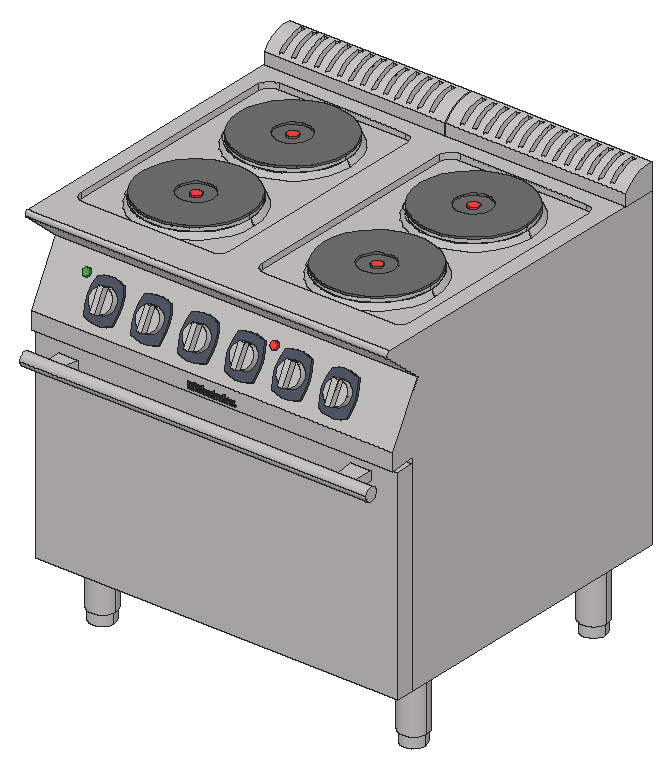
Revit family "QF_ELECTROLUXPROFESSIONAL_371128_E7ECEH4REN", category Specialty Equipment, Revit 2018 (continued)
Automatic sketch dimensions
  Extrusion 10 sketch curve to Extrusion 10 sketch curve = 2.51 mm
  Extrusion 10 sketch curve to Extrusion 10 sketch curve = 0.187 mm
  Extrusion 10 sketch curve to Extrusion 10 sketch curve = 2.559 mm
  Extrusion 10 sketch curve to Extrusion 10 sketch curve = 1.556 mm
  Extrusion 10 sketch curve to Extrusion 10 sketch curve = 0.222 mm
  Extrusion 10 sketch curve to Extrusion 10 sketch curve = 1.383 mm
  Extrusion 10 sketch curve to Extrusion 10 sketch curve = 3.114 mm
  Extrusion 10 sketch curve to Extrusion 10 sketch curve = 3.376 mm
  Extrusion 10 sketch curve to Extrusion 10 sketch curve = 0.934 mm
  Extrusion 10 sketch curve to Extrusion 10 sketch curve = 0.191 mm
  Extrusion 10 sketch curve to Extrusion 10 sketch curve = 3.696 mm
  Extrusion 10 sketch curve to Extrusion 10 sketch curve = 2.708 mm
  Extrusion 10 sketch curve to Extrusion 10 sketch curve = 3.333 mm
  Extrusion 10 sketch curve to Extrusion 10 sketch curve = 0.332 mm
  Extrusion 10 sketch curve to Extrusion 10 sketch curve = 1.087 mm
  Extrusion 10 sketch curve to Extrusion 10 sketch curve = 2.23 mm
  Extrusion 10 sketch curve to Extrusion 10 sketch curve = 2.757 mm
  Extrusion 10 sketch curve to Extrusion 10 sketch curve = 0.987 mm
  Extrusion 10 sketch curve to Extrusion 10 sketch curve = 1.529 mm
  Extrusion 10 sketch curve to Extrusion 10 sketch curve = 1.796 mm
  Extrusion 10 sketch curve to Extrusion 10 sketch curve = 2.859 mm
  Extrusion 10 sketch curve to Extrusion 10 sketch curve = 0.853 mm
  Extrusion 10 sketch curve to Extrusion 10 sketch curve = 1.241 mm
  Extrusion 10 sketch curve to Extrusion 10 sketch curve = 2.046 mm  (x2)
  Extrusion 10 sketch curve to Extrusion 10 sketch curve = 2.422 mm
  Extrusion 10 sketch curve to Extrusion 10 sketch curve = 0.27 mm  (x2)
  Extrusion 10 sketch curve to Extrusion 10 sketch curve = 0.69 mm
  Extrusion 10 sketch curve to Extrusion 10 sketch curve = 0.781 mm  (x2)
  Extrusion 10 sketch curve to Extrusion 10 sketch curve = 3.136 mm
  Extrusion 10 sketch curve to Extrusion 10 sketch curve = 1.767 mm
  Extrusion 10 sketch curve to Extrusion 10 sketch curve = 0.138 mm
  Extrusion 10 sketch curve to Extrusion 10 sketch curve = 0.777 mm
  Extrusion 10 sketch curve to Extrusion 10 sketch curve = 1.19 mm
  Extrusion 10 sketch curve to Extrusion 10 sketch curve = 0.782 mm
  Extrusion 10 sketch curve to Extrusion 10 sketch curve = 1.268 mm
  Extrusion 10 sketch curve to Extrusion 10 sketch curve = 0.422 mm  (x2)
  Extrusion 10 sketch curve to Extrusion 10 sketch curve = 1.559 mm
  Extrusion 10 sketch curve to Extrusion 10 sketch curve = 3.927 mm
  Extrusion 10 sketch curve to Extrusion 10 sketch curve = 0.983 mm
  Extrusion 10 sketch curve to Extrusion 10 sketch curve = 1.134 mm
  Extrusion 10 sketch curve to Extrusion 10 sketch curve = 0.094 mm
  Extrusion 10 sketch curve to Extrusion 10 sketch curve = 1.584 mm
  Extrusion 10 sketch curve to plane 7 "Center Y" = 1.327 mm
  Extrusion 10 sketch curve to Extrusion 10 sketch curve = 0.643 mm
  Extrusion 10 sketch curve to Extrusion 10 sketch curve = 0.916 mm
  Extrusion 10 sketch curve to Extrusion 10 sketch curve = 0.352 mm
  Extrusion 10 sketch curve to Extrusion 10 sketch curve = 0.458 mm
  Extrusion 10 sketch curve to Extrusion 10 sketch curve = 1.282 mm
  Extrusion 10 sketch curve to Extrusion 10 sketch curve = 1.363 mm
  Extrusion 10 sketch curve to Extrusion 10 sketch curve = 0.685 mm
  Extrusion 10 sketch curve to Extrusion 10 sketch curve = 0.905 mm
  Extrusion 10 sketch curve to Extrusion 10 sketch curve = 2.865 mm
  Extrusion 10 sketch curve to Extrusion 10 sketch curve = 0.472 mm
  Extrusion 10 sketch curve to Extrusion 10 sketch curve = 0.101 mm
  Extrusion 10 sketch curve to Extrusion 10 sketch curve = 0.54 mm
  Extrusion 10 sketch curve to Extrusion 10 sketch curve = 0.02 mm
  Extrusion 10 sketch curve to Extrusion 10 sketch curve = 0.468 mm
  Extrusion 10 sketch curve to Extrusion 10 sketch curve = 0.829 mm
  Extrusion 10 sketch curve to Extrusion 10 sketch curve = 0.582 mm
  Extrusion 10 sketch curve to Extrusion 10 sketch curve = 0.166 mm
  Extrusion 10 sketch curve to Extrusion 10 sketch curve = 0.16 mm
  Extrusion 10 sketch curve to Extrusion 10 sketch curve = 2.781 mm
  Extrusion 10 sketch curve to Extrusion 10 sketch curve = 1.118 mm
  Extrusion 10 sketch curve to Extrusion 10 sketch curve = 0.613 mm
  Extrusion 10 sketch curve to Extrusion 10 sketch curve = 0.361 mm
  Extrusion 10 sketch curve to Extrusion 10 sketch curve = 0.897 mm
  Extrusion 10 sketch curve to Extrusion 10 sketch curve = 0.167 mm
  Extrusion 10 sketch curve to Extrusion 10 sketch curve = 0.292 mm
  Extrusion 10 sketch curve to Extrusion 10 sketch curve = 0.305 mm
  Extrusion 10 sketch curve to Extrusion 10 sketch curve = 1.557 mm
  Extrusion 10 sketch curve to Extrusion 10 sketch curve = 2.499 mm
  Extrusion 10 sketch curve to Extrusion 10 sketch curve = 3.062 mm
  Extrusion 10 sketch curve to Extrusion 10 sketch curve = 2.968 mm
  Extrusion 10 sketch curve to Extrusion 10 sketch curve = 5.044 mm
  Extrusion 10 sketch curve to Extrusion 10 sketch curve = 0.629 mm  (x2)
  Extrusion 10 sketch curve to Extrusion 10 sketch curve = 1.131 mm
  Extrusion 10 sketch curve to Extrusion 10 sketch curve = 0.027 mm
  Extrusion 10 sketch curve to Extrusion 10 sketch curve = 2.235 mm
  Extrusion 1 sketch curve to plane 5 "FRONT" = 83.331 mm
  Extrusion 16 sketch curve to plane 10 = 0 mm
  Extrusion 16 sketch curve to plane 5 "FRONT" = 30.162 mm
  plane 10 to Extrusion 16 sketch curve = 1.281 mm
  plane 5 "FRONT" to Extrusion 16 sketch curve = 379.413 mm
  Extrusion 1 sketch curve to Extrusion 1 sketch curve = 159.719 mm
  Extrusion 1 sketch curve to Extrusion 1 sketch curve = 5.61 mm
  Extrusion 8 sketch curve to plane 9 "TOP A" = 276.291 mm
  plane 7 "Center Y" to Extrusion 10 sketch curve = 19.326 mm
  Extrusion 10 sketch curve to plane 9 "TOP A" = 240.749 mm
  Extrusion 10 sketch curve to Extrusion 10 sketch curve = 0.019 mm
  Extrusion 10 sketch curve to Extrusion 10 sketch curve = 4.098 mm
  Extrusion 16 sketch curve to Extrusion 16 sketch curve = 42.109 mm
  plane 5 "FRONT" to Extrusion 2 sketch curve = 0 mm  (x2)
  plane 1 "BACK" to Extrusion 2 sketch curve = 0 mm
  Extrusion 2 sketch curve to plane 3 "LEFT" = 0 mm
  Extrusion 2 sketch curve to plane 4 "RIGHT" = 0 mm
  Extrusion 2 sketch curve to plane 3 "LEFT" = 150.019 mm
  plane 4 "RIGHT" to Extrusion 2 sketch curve = 150.019 mm
  Extrusion 2 sketch curve to plane 1 "BACK" = 150.019 mm
  curve 6 to plane 4 "RIGHT" = 0 mm
  plane 5 "FRONT" to curve 20 = 0 mm
  curve 38 to plane 7 "Center Y" = 0 mm
  curve 16 to plane 7 "Center Y" = 0 mm
  curve 11 to plane 3 "LEFT" = 0 mm
  curve 7 to plane 3 "LEFT" = 0 mm
  plane 1 "BACK" to curve 6 = 0 mm
  plane 4 "RIGHT" to curve 3 = 150.019 mm
  plane 5 "FRONT" to curve 17 = 8.513 mm
  curve 17 to plane 4 "RIGHT" = 17.7 mm
  plane 1 "BACK" to curve 96 = 6.761 mm
  curve 96 to plane 4 "RIGHT" = 29.703 mm
  curve 32 to plane 4 "RIGHT" = 35.025 mm
  curve 95 to curve 95 = 9.296 mm
  plane 1 "BACK" to curve 99 = 6.761 mm
  curve 95 to curve 99 = 16.193 mm
  curve 33 to curve 33 = 25.4 mm
  curve 31 to curve 30 = 25.4 mm
  curve 15 to curve 20 = 43.281 mm
  curve 100 to curve 101 = 9.296 mm
  curve 101 to curve 105 = 16.193 mm
  curve 104 to curve 105 = 9.296 mm
  curve 20 to curve 21 = 36.854 mm
  curve 21 to curve 21 = 1.571 mm
  plane 1 "BACK" to curve 107 = 6.761 mm
  curve 103 to curve 107 = 16.193 mm
  curve 108 to curve 109 = 9.296 mm
  plane 1 "BACK" to curve 111 = 6.761 mm
  curve 107 to curve 111 = 16.193 mm
  curve 111 to curve 114 = 9.296 mm
  plane 1 "BACK" to curve 115 = 6.761 mm
  curve 111 to curve 115 = 16.193 mm
  curve 115 to curve 115 = 9.296 mm
  plane 1 "BACK" to curve 119 = 6.761 mm
  curve 115 to curve 119 = 16.193 mm
  curve 119 to curve 119 = 9.296 mm
  plane 1 "BACK" to curve 123 = 6.761 mm
  curve 119 to curve 123 = 16.193 mm
  curve 123 to curve 123 = 9.296 mm
  curve 125 to curve 128 = 16.193 mm
  curve 128 to curve 129 = 9.296 mm
  curve 129 to curve 133 = 16.193 mm
  curve 132 to curve 133 = 9.296 mm
  plane 1 "BACK" to curve 135 = 6.761 mm
  curve 131 to curve 135 = 16.193 mm
  curve 135 to curve 138 = 9.296 mm
  curve 137 to curve 141 = 16.193 mm
  curve 140 to curve 141 = 9.296 mm
  curve 141 to curve 144 = 16.193 mm
  curve 144 to curve 37 = 4.062 mm
  plane 7 "Center Y" to curve 34 = 60.425 mm
  curve 143 to curve 143 = 9.296 mm
  plane 1 "BACK" to curve 147 = 6.761 mm
  curve 143 to curve 147 = 16.193 mm
  curve 35 to curve 35 = 25.4 mm
  curve 148 to curve 150 = 9.296 mm
  plane 1 "BACK" to curve 91 = 6.761 mm
  curve 91 to plane 7 "Center Y" = 29.703 mm
  curve 24 to plane 7 "Center Y" = 35.025 mm
  curve 91 to curve 91 = 9.296 mm
  plane 1 "BACK" to curve 90 = 6.761 mm
  curve 91 to curve 90 = 16.193 mm
  curve 23 to curve 23 = 25.4 mm
  curve 25 to curve 25 = 25.4 mm
  curve 89 to curve 89 = 9.296 mm
  plane 1 "BACK" to curve 83 = 6.761 mm
  curve 87 to curve 83 = 16.193 mm
  curve 85 to curve 85 = 9.296 mm
  plane 1 "BACK" to curve 79 = 6.761 mm
  curve 83 to curve 79 = 16.193 mm
  curve 79 to curve 80 = 9.296 mm
  plane 1 "BACK" to curve 78 = 6.761 mm
  curve 79 to curve 78 = 16.193 mm
  curve 75 to curve 76 = 9.296 mm
  curve 76 to curve 73 = 16.193 mm
  curve 71 to curve 72 = 9.296 mm
  curve 72 to curve 70 = 16.193 mm
  curve 69 to curve 68 = 9.296 mm
  curve 68 to curve 66 = 16.193 mm
  curve 65 to curve 64 = 9.296 mm
  curve 64 to curve 62 = 16.193 mm
  curve 61 to curve 60 = 9.296 mm
  plane 1 "BACK" to curve 58 = 6.761 mm
  curve 59 to curve 58 = 16.193 mm
  curve 57 to curve 56 = 9.296 mm
  plane 1 "BACK" to curve 54 = 6.761 mm
  curve 55 to curve 54 = 16.193 mm
  curve 53 to curve 52 = 9.296 mm
  curve 19 to curve 5 = 99.406 mm
  curve 19 to curve 19 = 1.571 mm
  plane 1 "BACK" to curve 50 = 6.761 mm
  curve 51 to curve 50 = 16.193 mm
  curve 47 to curve 47 = 9.296 mm
  curve 48 to curve 46 = 16.193 mm
  curve 19 to curve 18 = 36.854 mm
  curve 45 to curve 29 = 4.062 mm
  plane 3 "LEFT" to curve 26 = 60.425 mm
  curve 45 to curve 44 = 9.296 mm
  curve 44 to curve 41 = 16.193 mm
  curve 27 to curve 27 = 25.4 mm
  curve 41 to curve 41 = 9.296 mm
  plane 3 "LEFT" to curve 17 = 17.7 mm
  plane 5 "FRONT" to curve 1 = 1.377 mm
  curve 1 to plane 3 "LEFT" = 150.019 mm
  curve 1 to plane 1 "BACK" = 150.019 mm
  plane 1 "BACK" to curve 146 = 6.761 mm
  plane 1 "BACK" to curve 142 = 6.761 mm
  plane 1 "BACK" to curve 134 = 6.761 mm
  plane 1 "BACK" to curve 130 = 6.761 mm
  plane 1 "BACK" to curve 106 = 6.761 mm
  plane 1 "BACK" to curve 39 = 6.761 mm
  plane 1 "BACK" to curve 74 = 6.761 mm
  plane 1 "BACK" to curve 43 = 6.761 mm
  plane 1 "BACK" to curve 70 = 6.761 mm
  plane 1 "BACK" to curve 66 = 6.761 mm
  plane 1 "BACK" to curve 62 = 6.761 mm
  curve 38 to curve 16 = 63.012 mm
  curve 4 to curve 7 = 63.012 mm
  curve 55 to curve 58 = 57.15 mm
  curve 54 to curve 56 = 0 mm
  curve 57 to curve 60 = 0 mm
  curve 50 to curve 52 = 0 mm
  curve 61 to curve 64 = 0 mm
  curve 46 to curve 48 = 0 mm
  curve 65 to curve 68 = 0 mm
  curve 42 to curve 44 = 0 mm
  curve 69 to curve 72 = 0 mm
  curve 16 to curve 149 = 0.898 mm
  curve 73 to curve 76 = 0 mm
  curve 148 to curve 146 = 0 mm
  curve 77 to curve 80 = 0 mm
  curve 144 to curve 142 = 0 mm
  curve 81 to curve 84 = 0 mm
  curve 140 to curve 138 = 0 mm
  curve 85 to curve 88 = 0 mm
  curve 136 to curve 134 = 0 mm
  curve 89 to curve 92 = 0 mm
  curve 132 to curve 130 = 0 mm
  curve 95 to curve 96 = 57.15 mm
  curve 100 to curve 97 = 0 mm
  curve 128 to curve 126 = 0 mm
  curve 104 to curve 101 = 0 mm
  curve 124 to curve 122 = 0 mm
  curve 108 to curve 105 = 0 mm
  curve 120 to curve 118 = 0 mm
  curve 112 to curve 109 = 0 mm
  curve 96 to curve 9 = 5.939 mm
  curve 7 to curve 9 = 0 mm
  curve 144 to curve 30 = 40.974 mm
  curve 45 to curve 22 = 40.974 mm
  curve 28 to plane 5 "FRONT" = 110.765 mm
  curve 24 to curve 36 = 0 mm
  plane 5 "FRONT" to curve 3 = 1.377 mm
  curve 15 to curve 15 = 28 mm
  curve 14 to curve 11 = 342.9 mm
  Revolve 4 sketch curve to level = 0 mm
  Revolve 4 sketch curve to plane 10 = 0 mm  (x2)
  level to Revolve 4 sketch curve = 25 mm
  Revolve 4 sketch curve to Revolve 4 sketch curve = 20 mm
  Revolve 4 sketch curve to plane 4 "RIGHT" = 26 mm
  Revolve 4 sketch curve to Revolve 4 sketch curve = 3.75 mm
  Revolve 4 sketch curve to Revolve 4 sketch curve = 30 mm
  Revolve 4 sketch curve to Revolve 4 sketch curve = 0 mm
  Revolve 6 sketch curve to level = 0 mm
  Revolve 6 sketch curve to plane 10 = 0 mm  (x2)
  level to Revolve 6 sketch curve = 25 mm
  plane 10 to Revolve 6 sketch curve = 20 mm
  Revolve 6 sketch curve to plane 4 "RIGHT" = 26 mm
  Revolve 6 sketch curve to Revolve 6 sketch curve = 3.75 mm
  Revolve 6 sketch curve to Revolve 6 sketch curve = 30 mm
  Revolve 6 sketch curve to Revolve 6 sketch curve = 0 mm
  Extrusion 9 sketch curve to plane 5 "FRONT" = 30.162 mm
  Extrusion 9 sketch curve to plane 4 "RIGHT" = 60.981 mm
  Extrusion 9 sketch curve to Extrusion 9 sketch curve = 33.993 mm
  Extrusion 9 sketch curve to Extrusion 9 sketch curve = 43.993 mm
  Extrusion 9 sketch curve to plane 5 "FRONT" = 17.462 mm
  plane 3 "LEFT" to Extrusion 9 sketch curve = 102.63 mm
  Extrusion 9 sketch curve to Extrusion 9 sketch curve = 7.656 mm
  Extrusion 9 sketch curve to Extrusion 9 sketch curve = 41.649 mm
  plane 5 "FRONT" to Extrusion 9 sketch curve = 24.013 mm  (x2)
  Extrusion 1 to Extrusion 11 sketch curve = 0 mm
  Extrusion 11 sketch curve to Extrusion 1 = 0 mm  (x2)
  Extrusion 1 to Extrusion 11 sketch curve = 12.7 mm
  Extrusion 1 to Extrusion 15 sketch curve = 40.417 mm
  Extrusion 1 to Extrusion 15 sketch curve = 85.751 mm
  Extrusion 32 sketch curve to plane 9 "TOP A" = 0 mm
  Extrusion 32 sketch curve to plane 1 "BACK" = 0 mm
  Extrusion 32 sketch curve to plane 6 "TOP" = 0 mm
  plane 1 "BACK" to Extrusion 32 sketch curve = 4.947 mm
  plane 9 "TOP A" to Extrusion 32 sketch curve = 25.4 mm
  plane 1 "BACK" to Extrusion 32 sketch curve = 69.85 mm
  Extrusion 1 to Extrusion 33 sketch curve = 6.761 mm  (x14)
  Extrusion 33 sketch curve to Extrusion 33 sketch curve = 57.15 mm
  Extrusion 33 sketch curve to Extrusion 33 sketch curve = 0 mm  (x13)
  Extrusion 1 to Extrusion 33 sketch curve = 29.703 mm
  Extrusion 33 sketch curve to Extrusion 33 sketch curve = 9.296 mm  (x14)
  Extrusion 33 sketch curve to Extrusion 33 sketch curve = 16.193 mm  (x13)
  Extrusion 1 to Extrusion 34 sketch curve = 35.025 mm
  Extrusion 34 sketch curve to Extrusion 34 sketch curve = 25.4 mm  (x6)
  Extrusion 34 sketch curve to Extrusion 34 sketch curve = 279.2 mm  (x2)
  Extrusion 34 sketch curve to Extrusion 1 = 103.443 mm
  Extrusion 34 sketch curve to Extrusion 34 sketch curve = 70.05 mm
  Extrusion 1 to Extrusion 34 sketch curve = 60.425 mm  (x2)
  Extrusion 34 sketch curve to Extrusion 1 = 78.043 mm
  Extrusion 1 to Extrusion 34 sketch curve = 130.285 mm
  Extrusion 34 sketch curve to Extrusion 34 sketch curve = 0 mm
  Extrusion 35 sketch curve to plane 9 "TOP A" = 0 mm
  Extrusion 35 sketch curve to plane 1 "BACK" = 0 mm
  Extrusion 35 sketch curve to plane 6 "TOP" = 0 mm
  plane 1 "BACK" to Extrusion 35 sketch curve = 4.947 mm
  plane 9 "TOP A" to Extrusion 35 sketch curve = 25.4 mm
  plane 1 "BACK" to Extrusion 35 sketch curve = 69.85 mm
  Extrusion 1 to Extrusion 36 sketch curve = 6.761 mm  (x14)
  Extrusion 36 sketch curve to Extrusion 36 sketch curve = 57.15 mm
  Extrusion 36 sketch curve to Extrusion 36 sketch curve = 0 mm  (x13)
  Extrusion 1 to Extrusion 36 sketch curve = 370.347 mm
  Extrusion 36 sketch curve to Extrusion 36 sketch curve = 9.296 mm  (x14)
  Extrusion 36 sketch curve to Extrusion 36 sketch curve = 16.193 mm  (x13)
  Extrusion 1 to Extrusion 37 sketch curve = 40.417 mm
  Extrusion 1 to Extrusion 37 sketch curve = 298.99 mm
  radius of Extrusion 13 sketch curve = 25.4 mm
  radius of Extrusion 14 sketch curve to Extrusion 13 = 0 mm  (x2)
  radius of Extrusion 18 sketch curve = 25.4 mm
  radius of Extrusion 19 sketch curve to Extrusion 18 = 0 mm  (x2)
  radius of Extrusion 21 sketch curve = 25.4 mm
  radius of Extrusion 22 sketch curve to Extrusion 21 = 0 mm  (x2)
  radius of Extrusion 24 sketch curve = 25.4 mm
  radius of Extrusion 25 sketch curve to Extrusion 24 = 0 mm  (x2)
  radius of Extrusion 27 sketch curve = 25.4 mm
  radius of Extrusion 28 sketch curve to Extrusion 27 = 0 mm  (x2)
  radius of Extrusion 30 sketch curve = 25.4 mm
  radius of Extrusion 31 sketch curve to Extrusion 30 = 0 mm  (x2)
  radius of Extrusion 8 sketch curve = 14 mm
  radius of Extrusion 7 sketch curve = 12.7 mm
  radius of Extrusion 15 sketch curve = 8 mm
  radius of Extrusion 37 sketch curve = 8 mm
Nested families
  nested 1: "371128_QF_Electrolux_HOT PLATES" at (72.525, -113.898, 838.3), type "371128_QF_Electrolux_HOT PLATES"
    with Type Mark "", Specification by User "", Revision Code "", Item Number "", Installed By "", Identify Quantity as Lot yes, Furnished By "", Foodservice Equipment Identifier yes
  nested 2: "371128_QF_Electrolux_HOT PLATES" at (72.525, -635.872, 838.3), type "371128_QF_Electrolux_HOT PLATES"
    with Type Mark "", Specification by User "", Revision Code "", Item Number "", Installed By "", Identify Quantity as Lot yes, Furnished By "", Foodservice Equipment Identifier yes
  nested 3: "371128_QF_Electrolux_HOT PLATES" at (727.575, -113.898, 838.3) x (-1, 0, 0) z (0, 0, 1), type "371128_QF_Electrolux_HOT PLATES"
    with Type Mark "", Specification by User "", Revision Code "", Item Number "", Installed By "", Identify Quantity as Lot yes, Furnished By "", Foodservice Equipment Identifier yes
  nested 4: "371128_QF_Electrolux_HOT PLATES" at (727.575, -635.872, 838.3) x (-1, 0, 0) z (0, 0, 1), type "371128_QF_Electrolux_HOT PLATES"
    with Type Mark "", Specification by User "", Revision Code "", Item Number "", Installed By "", Identify Quantity as Lot yes, Furnished By "", Foodservice Equipment Identifier yes
Connectors
  electrical at (752.475, -512.762, 150), driven by "Volts", driven by "Watts"
    settings: on Extrusion 7, index 1, voltage 230 V, apparent load 16400 VA, apparent load phase1 0 VA, apparent load phase2 0 VA, apparent load phase3 0 VA, power factor 1, load classification "Other", number of poles 1, system type 30, power factor state 1, is connector primary yes, connector utility no, sub classification motor no, connector description "Electrical Connection"
Definition of nested family "371128_QF_Electrolux_HOT PLATES"
  Parameters
    Width = 255 mm  # constant formula
    Weight in Pounds = 0
    URL Cutsheet = ""
    URL = ""
    Type Mark [instance] = ""
    Specification by User [instance] = ""
    Specification by Manufacturer = ""
    Serial Number = ""
    Seismic Rating = ""
    SMACNA No = ""
    Revision Code [instance] = ""
    Omniclass Number and Title = ""
    NAFEM Spec ID Number = ""
    Model = ""
    Masterspec = ""
    Manufacturer = ""
    Item Number [instance] = ""
    Installed By [instance] = ""
    Identify Quantity as Lot [instance] = yes
    Height = 23 mm  # constant formula
    Furnished By [instance] = ""
    Foodservice Equipment Identifier [instance] = yes
    Description = ""
    Depth = 255 mm  # constant formula
    CSI MasterFormat = ""
    CSI Master Format = ""
    Assembly Code = ""
  Reference planes
    plane 1 "BACK": y = 0
    plane 2: z = 0
    plane 3 "LEFT": x = 0
    plane 4 "RIGHT": x = 255
    plane 5 "FRONT": y = -255
    plane 6 "TOP": z = 23
    plane 7 "Center Y": x = 127.5
    plane 8 "Center X": y = -127.5
  Forms (mm)
    Extrusion 1, solid
      sketch origin (-72.525, 113.875, 19.181) x (1, 0, 0) y (0, 1, 0)
        loop
          circle (200.025, -241.375) r 117.925
        loop
          circle (200.025, -241.375) r 38.208
      from 0 to 3.819
    Extrusion 2, solid
      sketch origin (-72.525, 113.875, 19.181) x (1, 0, 0) y (0, 1, 0)
        loop
          circle (200.025, -241.375) r 11.669
      from 0 to 1.964
    Extrusion 3, solid
      sketch origin (-72.525, 113.875, 12.7) x (1, 0, 0) y (0, 1, 0)
        loop
          circle (200.025, -241.375) r 38.208
      from 0 to 6.481
    Blend 4, solid
      base sketch origin (-72.525, 113.875, 0) x (1, 0, 0) y (0, 1, 0)
        loop
          circle (200.025, -241.375) r 127.548
      top sketch origin (-72.525, 113.875, 0) x (1, 0, 0) y (0, 1, 0)
        loop
          circle (200.025, -241.375) r 120.402
      from 0 to 11.731
    Extrusion 5, solid
      sketch origin (-72.525, 113.875, 11.731) x (1, 0, 0) y (0, 1, 0)
        loop
          circle (200.025, -241.375) r 117.925
        loop
          circle (200.025, -241.375) r 39.808
      from 0 to 7.45
  Lines and regions (mm)
    symbolic lines
      curve 1: circle (127.5, -127.5, 0) r 11.669 normal (0, 0, 1)
      curve 2: circle (127.5, -127.5, 0) r 38.208 normal (0, 0, 1)
      curve 3: circle (127.5, -127.5, 0) r 120.402 normal (0, 0, 1)
      curve 4: circle (127.5, -127.5, 0) r 127.548 normal (0, 0, 1)
  Dimensions and locks
    equal spacing: plane 3 "LEFT", plane 7 "Center Y", plane 4 "RIGHT"
    "Width": plane 3 "LEFT" to plane 4 "RIGHT"
    equal spacing: plane 5 "FRONT", plane 8 "Center X", plane 1 "BACK"
    "Depth": plane 5 "FRONT" to plane 1 "BACK"
    plane 1 "BACK" to plane 5 "FRONT" = 255 mm
    "Height": plane 6 "TOP" to level
    aligned and locked: level to plane 2
  Automatic sketch dimensions
    Extrusion 3 sketch curve to plane 7 "Center Y" = 0 mm
    Extrusion 3 sketch curve to plane 8 "Center X" = 0 mm
    Blend 4 sketch curve to plane 7 "Center Y" = 0 mm  (x2)
    Blend 4 sketch curve to plane 8 "Center X" = 0 mm  (x2)
    curve 1 to curve 2 = 0 mm  (x2)
    curve 1 to curve 3 = 0 mm  (x2)
    curve 1 to curve 4 = 0 mm  (x2)
    curve 2 to curve 3 = 0 mm  (x2)
    curve 2 to curve 4 = 0 mm  (x2)
    curve 3 to curve 4 = 0 mm  (x2)
    curve 2 to plane 7 "Center Y" = 0 mm
    curve 2 to plane 8 "Center X" = 0 mm
    radius of Extrusion 1 sketch curve to Extrusion 5 = 0 mm
    radius of Extrusion 1 sketch curve to Extrusion 5 = 1.6 mm
    radius of Extrusion 2 sketch curve to Extrusion 3 = 26.539 mm
    radius of Extrusion 3 sketch curve = 38.208 mm
    radius of Blend 4 sketch curve = 127.548 mm
    radius of Blend 4 sketch curve = 120.402 mm
    radius of Extrusion 5 sketch curve to Blend 4 = 2.478 mm
    radius of Extrusion 5 sketch curve to Blend 4 = 80.594 mm
    radius of curve 1 = 11.669 mm
    radius of curve 2 = 38.208 mm
    radius of curve 3 = 120.402 mm
    radius of curve 4 = 127.548 mm
